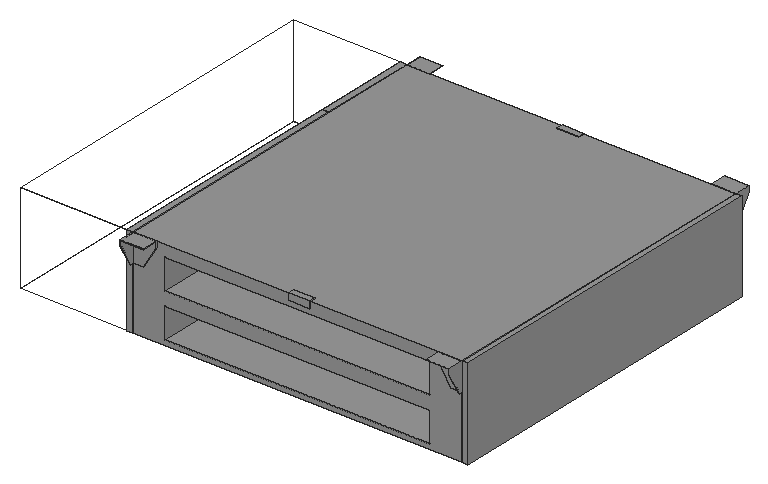
Revit family "XB-EFA-82", category Mechanical Equipment, Revit 2015
Parameters (values of type "XB-EFA-8L")
  duct_angle = if(Left Handed, 90.00°, 270.00°)  # 90.00°
  ctrl_offset = if(Left Handed, 50 mm, 1296 mm)  # 50 mm
  Width = 1596 mm
  Weight = 0.00 kg
  Unit Description = "EFA Heat Recovery Unit (Left Handed)"
  Supply Air Flow [instance] = 0.0 L/s
  Supply Air External Static Pressure [instance] = 0.0 Pa
  Starting Current = 0 A
  Specific Fan Power at Design Duty [instance] = "0.0"
  Right Handed = not(Left Handed)  # no
  Revit Family Last Revised = "24/10/18"  # constant formula
  Quote Reference [instance] = ""
  Project Reference [instance] = ""
  Panel Offset = if(Right Handed, 1144.9 mm, 455.1 mm)  # 455.1 mm
  Order Reference [instance] = ""
  OmniClass Title = "Centrifugal fans\r\n"  # constant formula
  OmniClass Number = "23-33 31 19 13"  # constant formula
  Number of Motor Poles = 4
  Number of Connection Poles = 1
  Nuaire Model Code = "XB-EFA-8L"
  Nominal Motor Speed (rpm) = 0
  Nominal Motor Rating = 0.000 kW
  Manufacturer Name = "Nuaire"  # constant formula
  Location Reference [instance] = ""
  Length = 1600 mm
  Left Handed = yes
  Show Access Clearance [instance] = yes
  Voltage = if(Electrical Phase = 3, 400 V, 230 V)  # 230 V
  IFCExportAs = "IfcAirToAirHeatRecoveryType"  # constant formula
  Height = 425 mm
  Full Load Current = 0 A
  Model Drawn by = "Michael Grote"  # constant formula
  Maximum Ambient Temperature = 40 °C
  Extract Air Flow [instance] = 0.0 L/s
  Extract Air External Static Pressure [instance] = 0.0 Pa
  Electrical Phase = 1
  Duct Connection Width = 1240 mm
  Duct Connection Height = 140 mm
  Condensate Drain Connection Radius = Condensate Drain Connection Diameter / 2  # 0 mm
  URL = "http://www.nuaire.co.uk"
  Warranty Period = "3 Years"
  Weatherproof or Internal Only = "Internal"
  Manufacturer = Manufacturer Name  # "Nuaire"
  Condensate Drain Connection Diameter = 0 mm
  Classification.Uniclass.Pr.Number = "Pr_65_67_29_12"  # constant formula
  Classification.Uniclass.Pr.Description = "Centrifugal fans\r\n"  # constant formula
  Catalogue Pages = ""
  I&M Manual = ""
  Description = Unit Description  # "EFA Heat Recovery Unit (Left Handed)"
  Apparent Load = Voltage * Full Load Current  # 0 VA
  Address = "Western Industrial Estate, Caerphilly, UK"  # constant formula
  Postcode = "CF83 1NA"  # constant formula
  Telephone Number = "+44(0)2920-858-200"  # constant formula
  Fax Number = "+44(0)2920-858-222"  # constant formula
  Email Address = "info@nuaire.co.uk"  # constant formula
  Model = Nuaire Model Code  # "XB-EFA-8L"
Types (2, lengths in mm): name | duct_angle | ctrl_offset | Right Handed | Panel Offset | Number of Connection Poles | Nuaire Model Code | Left Handed | Model
  XB-EFA-8L | 90.00° | 50 | no | 455.1 | 1 | "XB-EFA-8L" | yes | "XB-EFA-8L"
  XB-EFA-8R | 270.00° | 1296 | yes | 1144.9 | 2 | "XB-EFA-8R" | no | "XB-EFA-8R"
Reference planes
  plane 1 "Center (Front/Back)": y = 0
  plane 2: z = 0
  plane 3 "Center (Left/Right)": x = 0
  plane 4: x = 798
  plane 5: x = -798
  plane 6: y = 800
  plane 7: y = -800
  plane 8: z = 425
  plane 9: z = 26
  plane 10: z = 166
  plane 11: z = 231
  plane 12: z = 371
  plane 13: x = 620
  plane 14: x = -620
  plane 15: z = 301
  plane 16: z = 96
  plane 17: y = 597.5
  plane 18: z = 212.5
  plane 19: y = -141.375
  plane 20: y = 141.375
  plane 21: y = -597.5
Forms (mm)
  Extrusion 1, solid, material "Aluzinc"
    sketch origin (0, 0, 0) x (1, 0, 0) y (0, 1, 0)
      loop
        line (-770, 800) -> (-770, -800) -> (770, -800) -> (770, 800) -> (-770, 800)
    from 0 to 425
  Extrusion 2, void
    sketch origin (0, -550, 0) x (1, 0, 0) y (0, 0, 1)
      loop
        line (-620, 371) -> (-620, 231) -> (620, 231) -> (620, 371) -> (-620, 371)
    from 0 to 250
  Extrusion 3, void
    sketch origin (0, -550, 0) x (1, 0, 0) y (0, 0, 1)
      loop
        line (-620, 166) -> (-620, 26) -> (620, 26) -> (620, 166) -> (-620, 166)
    from 0 to 250
  Extrusion 4, void
    sketch origin (0, 550, 0) x (1, 0, 0) y (0, 0, -1)
      loop
        line (-620, -371) -> (620, -371) -> (620, -231) -> (-620, -231) -> (-620, -371)
    from 0 to 250
  Extrusion 5, void
    sketch origin (0, 550, 0) x (1, 0, 0) y (0, 0, -1)
      loop
        line (-620, -166) -> (620, -166) -> (620, -26) -> (-620, -26) -> (-620, -166)
    from 0 to 250
  Extrusion 6, solid, material "Aluzinc"
    sketch origin (0, 0, 0) x (1, 0, 0) y (0, 1, 0)
      loop
        line (-41.7, 801.5) -> (-41.7, 771.5) -> (58.3, 771.5) -> (58.3, 801.5) -> (-41.7, 801.5)
    from 395.7 to 425.7
  Extrusion 7, solid, material "Aluzinc"
    sketch origin (0, 0, 0) x (1, 0, 0) y (0, 1, 0)
      loop
        line (-41.7, -801.5) -> (58.3, -801.5) -> (58.3, -771.5) -> (-41.7, -771.5) -> (-41.7, -801.5)
    from 395.7 to 425.7
  Extrusion 8, solid, material "Goosewing Grey Plastic"
    sketch origin (0, 0, 0) x (1, 0, 0) y (0, 1, 0)
      loop
        line (-798, 750) -> (-852.5, 750) -> (-852.5, 496) -> (-798, 496) -> (-798, 750)
    from 165 to 345
  Extrusion 9, solid, material "Aluzinc"
    sketch origin (620, 0, 0) x (1, 0, 0) y (0, 1, 0)
      loop
        line (150, 800) -> (150, -800) -> (178, -800) -> (178, 800) -> (150, 800)
    from 0 to 425
  Extrusion 10, solid, material "Aluzinc", visible <- "Right Handed"
    sketch origin (-140, 0, 0) x (1, 0, 0) y (0, 1, 0)
      loop
        line (-658, 800) -> (-658, -344.9) -> (-630, -344.9) -> (-630, 800) -> (-658, 800)
    from 0 to 425
  Extrusion 11, solid, material "Aluzinc", visible <- "Right Handed"
    sketch origin (-140, -455.125, 0) x (1, 0, 0) y (0, 1, 0)
      loop
        line (-658, 110.225) -> (-658, -344.875) -> (-630, -344.875) -> (-630, 110.225) -> (-658, 110.225)
    from 0 to 425
  Extrusion 12, solid, material "Aluzinc"
    sketch origin (0, 0, 0) x (0, 1, 0) y (0, 0, 1)
      loop
        line (-875, 400) -> (-815, 295) -> (-800, 295) -> (-800, 425) -> (-875, 425) -> (-875, 400)
    from -770 to -660.1
  Extrusion 13, void
    sketch origin (0, -2, 0) x (1, 0, 0) y (0, 0, 1)
      loop
        line (-660.1, 423) -> (-768, 423) -> (-768, 295) -> (-660.1, 295) -> (-660.1, 423)
    from 800 to 873
  Extrusion 14, void
    sketch origin (0, 0, 0) x (1, 0, 0) y (0, 0, 1)
      loop
        line (-660.1, 395) -> (-720.1, 295) -> (-660.1, 295) -> (-660.1, 395)
    from 800 to 875
  Extrusion 15, solid, material "Aluzinc"
    sketch origin (0, 0, 0) x (0, 1, 0) y (0, 0, -1)
      loop
        line (-875, -400) -> (-875, -425) -> (-800, -425) -> (-800, -295) -> (-815, -295) -> (-875, -400)
    from -770 to -660.1
  Extrusion 16, void
    sketch origin (0, -2, 0) x (-1, 0, 0) y (0, 0, -1)
      loop
        line (-660.1, -423) -> (-660.1, -295) -> (-768, -295) -> (-768, -423) -> (-660.1, -423)
    from 800 to 873
  Extrusion 17, void
    sketch origin (0, 0, 0) x (-1, 0, 0) y (0, 0, -1)
      loop
        line (-660.1, -395) -> (-660.1, -295) -> (-720.1, -295) -> (-660.1, -395)
    from 800 to 875
  Extrusion 18, solid, material "Aluzinc"
    sketch origin (0, 0, 0) x (0, -1, 0) y (0, 0, -1)
      loop
        line (-875, -400) -> (-875, -425) -> (-800, -425) -> (-800, -295) -> (-815, -295) -> (-875, -400)
    from -770 to -660.1
  Extrusion 19, void
    sketch origin (0, 2, 0) x (1, 0, 0) y (0, 0, -1)
      loop
        line (-660.1, -423) -> (-660.1, -295) -> (-768, -295) -> (-768, -423) -> (-660.1, -423)
    from 800 to 873
  Extrusion 20, void
    sketch origin (0, 0, 0) x (1, 0, 0) y (0, 0, -1)
      loop
        line (-660.1, -395) -> (-660.1, -295) -> (-720.1, -295) -> (-660.1, -395)
    from 800 to 875
  Extrusion 21, solid, material "Aluzinc"
    sketch origin (0, 0, 0) x (0, -1, 0) y (0, 0, 1)
      loop
        line (-875, 400) -> (-815, 295) -> (-800, 295) -> (-800, 425) -> (-875, 425) -> (-875, 400)
    from -770 to -660.1
  Extrusion 22, void
    sketch origin (0, 2, 0) x (-1, 0, 0) y (0, 0, 1)
      loop
        line (-660.1, 423) -> (-768, 423) -> (-768, 295) -> (-660.1, 295) -> (-660.1, 423)
    from 800 to 873
  Extrusion 23, void
    sketch origin (0, 0, 0) x (-1, 0, 0) y (0, 0, 1)
      loop
        line (-660.1, 395) -> (-720.1, 295) -> (-660.1, 295) -> (-660.1, 395)
    from 800 to 875
  Extrusion 24, solid, visible <- "Left Handed"
    sketch origin (-801, 0, 0) x (0, 1, 0) y (0, 0, 1)
      loop
        line (-760.605, 227.5) -> (-760.605, 37.5)
        arc (-760.605, 37.5) -> (-730.5, 7.395) -> (-700.395, 37.5) r 30.105
        line (-700.395, 37.5) -> (-700.395, 227.5)
        arc (-700.395, 227.5) -> (-730.5, 257.605) -> (-760.605, 227.5) r 30.105
    from 0 to 3
  Extrusion 25, solid, material "White Plastic", visible <- "Left Handed"
    sketch origin (29.264, 0, 0) x (0, 1, 0) y (0, 0, 1)
      loop
        arc (-745.339, 244.509) -> (-750.95, 236.887) -> (-753, 227.646) r 22.9
        line (-753, 227.646) -> (-753, 37.354)
        arc (-753, 37.354) -> (-750.95, 28.113) -> (-745.339, 20.491) r 22.9
        arc (-745.339, 20.491) -> (-741.229, 9.565) -> (-730.501, 4.964) r 14.885
        arc (-730.501, 4.964) -> (-719.772, 9.565) -> (-715.662, 20.491) r 14.885
        arc (-715.662, 20.491) -> (-710.021, 28.18) -> (-708, 37.5) r 22.9
        line (-708, 37.5) -> (-708, 227.5)
        arc (-708, 227.5) -> (-710.021, 236.82) -> (-715.662, 244.509) r 22.9
        arc (-715.662, 244.509) -> (-719.772, 255.435) -> (-730.501, 260.036) r 14.885
        arc (-730.501, 260.036) -> (-741.229, 255.435) -> (-745.339, 244.509) r 14.885
    from -835.264 to -830.264
  Extrusion 26, solid, visible <- "Right Handed"
    sketch origin (-801, 0, 0) x (0, -1, 0) y (0, 0, -1)
      loop
        arc (-760.605, -227.5) -> (-730.5, -257.605) -> (-700.395, -227.5) r 30.105
        line (-700.395, -227.5) -> (-700.395, -37.5)
        arc (-700.395, -37.5) -> (-730.5, -7.395) -> (-760.605, -37.5) r 30.105
        line (-760.605, -37.5) -> (-760.605, -227.5)
    from 0 to 3
  Extrusion 27, solid, material "White Plastic", visible <- "Right Handed"
    sketch origin (29.264, 0, 0) x (0, -1, 0) y (0, 0, -1)
      loop
        arc (-745.339, -244.509) -> (-741.229, -255.435) -> (-730.501, -260.036) r 14.885
        arc (-730.501, -260.036) -> (-719.772, -255.435) -> (-715.662, -244.509) r 14.885
        arc (-715.662, -244.509) -> (-710.021, -236.82) -> (-708, -227.5) r 22.9
        line (-708, -227.5) -> (-708, -37.5)
        arc (-708, -37.5) -> (-710.021, -28.18) -> (-715.662, -20.491) r 22.9
        arc (-715.662, -20.491) -> (-719.772, -9.565) -> (-730.501, -4.964) r 14.885
        arc (-730.501, -4.964) -> (-741.229, -9.565) -> (-745.339, -20.491) r 14.885
        arc (-745.339, -20.491) -> (-750.95, -28.113) -> (-753, -37.354) r 22.9
        line (-753, -37.354) -> (-753, -227.646)
        arc (-753, -227.646) -> (-750.95, -236.887) -> (-745.339, -244.509) r 22.9
    from -835.264 to -830.264
  Extrusion 28, solid, visible <- "Right Handed"
    sketch origin (-801, -1140.475, 0) x (0, -1, 0) y (0, 0, -1)
      loop
        arc (-760.605, -227.5) -> (-730.5, -257.605) -> (-700.395, -227.5) r 30.105
        line (-700.395, -227.5) -> (-700.395, -37.5)
        arc (-700.395, -37.5) -> (-730.5, -7.395) -> (-760.605, -37.5) r 30.105
        line (-760.605, -37.5) -> (-760.605, -227.5)
    from 0 to 3
  Extrusion 29, solid, material "White Plastic", visible <- "Right Handed"
    sketch origin (29.264, -1140.475, 0) x (0, -1, 0) y (0, 0, -1)
      loop
        arc (-745.339, -244.509) -> (-741.229, -255.435) -> (-730.501, -260.036) r 14.885
        arc (-730.501, -260.036) -> (-719.772, -255.435) -> (-715.662, -244.509) r 14.885
        arc (-715.662, -244.509) -> (-710.021, -236.82) -> (-708, -227.5) r 22.9
        line (-708, -227.5) -> (-708, -37.5)
        arc (-708, -37.5) -> (-710.021, -28.18) -> (-715.662, -20.491) r 22.9
        arc (-715.662, -20.491) -> (-719.772, -9.565) -> (-730.501, -4.964) r 14.885
        arc (-730.501, -4.964) -> (-741.229, -9.565) -> (-745.339, -20.491) r 14.885
        arc (-745.339, -20.491) -> (-750.95, -28.113) -> (-753, -37.354) r 22.9
        line (-753, -37.354) -> (-753, -227.646)
        arc (-753, -227.646) -> (-750.95, -236.887) -> (-745.339, -244.509) r 22.9
    from -835.264 to -830.264
  Extrusion 30, solid, visible <- "Left Handed"
    sketch origin (-801, 1140.475, 0) x (0, 1, 0) y (0, 0, 1)
      loop
        line (-760.605, 227.5) -> (-760.605, 37.5)
        arc (-760.605, 37.5) -> (-730.5, 7.395) -> (-700.395, 37.5) r 30.105
        line (-700.395, 37.5) -> (-700.395, 227.5)
        arc (-700.395, 227.5) -> (-730.5, 257.605) -> (-760.605, 227.5) r 30.105
    from 0 to 3
  Extrusion 31, solid, material "White Plastic", visible <- "Left Handed"
    sketch origin (29.264, 1140.475, 0) x (0, 1, 0) y (0, 0, 1)
      loop
        arc (-745.339, 244.509) -> (-750.95, 236.887) -> (-753, 227.646) r 22.9
        line (-753, 227.646) -> (-753, 37.354)
        arc (-753, 37.354) -> (-750.95, 28.113) -> (-745.339, 20.491) r 22.9
        arc (-745.339, 20.491) -> (-741.229, 9.565) -> (-730.501, 4.964) r 14.885
        arc (-730.501, 4.964) -> (-719.772, 9.565) -> (-715.662, 20.491) r 14.885
        arc (-715.662, 20.491) -> (-710.021, 28.18) -> (-708, 37.5) r 22.9
        line (-708, 37.5) -> (-708, 227.5)
        arc (-708, 227.5) -> (-710.021, 236.82) -> (-715.662, 244.509) r 22.9
        arc (-715.662, 244.509) -> (-719.772, 255.435) -> (-730.501, 260.036) r 14.885
        arc (-730.501, 260.036) -> (-741.229, 255.435) -> (-745.339, 244.509) r 14.885
    from -835.264 to -830.264
  Extrusion 32, solid, material "Aluzinc", visible <- "Left Handed"
    sketch origin (-140, 0, 0) x (1, 0, 0) y (0, 1, 0)
      loop
        line (-658, -800) -> (-630, -800) -> (-630, 344.9) -> (-658, 344.9) -> (-658, -800)
    from 0 to 425
  Extrusion 33, solid, material "Aluzinc", visible <- "Left Handed"
    sketch origin (-140, 455.125, 0) x (1, 0, 0) y (0, 1, 0)
      loop
        line (-658, -110.225) -> (-630, -110.225) -> (-630, 344.875) -> (-658, 344.875) -> (-658, -110.225)
    from 0 to 425
Cuts and joins
  Extrusion 2, Extrusion 3, Extrusion 4, Extrusion 5, Extrusion 13, Extrusion 14, Extrusion 17, Extrusion 20, Extrusion 23 cuts Extrusion 1
  Extrusion 13, Extrusion 14, Extrusion 16, Extrusion 17, Extrusion 19, Extrusion 20 cuts Extrusion 12
  Extrusion 16, Extrusion 17, Extrusion 22, Extrusion 23 cuts Extrusion 15
  Extrusion 19, Extrusion 20 cuts Extrusion 18
  Extrusion 22, Extrusion 23 cuts Extrusion 21
Dimensions and locks
  equal spacing: plane 5, plane 3 "Center (Left/Right)", plane 4
  "Width": plane 5 to plane 4
  equal spacing: plane 6, plane 1 "Center (Front/Back)", plane 7
  "Length": plane 6 to plane 7
  "Height": plane 8 to plane 2
  "ctrl_offset": plane 6 to Extrusion 8
  locked: Extrusion 8 to Extrusion 8 at 254
  locked: plane 6 to plane 20 at 658.625
  locked: plane 21 to plane 7 at 202.5
  locked: plane 6 to plane 17 at 202.5
  locked: plane 19 to plane 7 at 658.625
  "duct_angle": angle plane 1 "Center (Front/Back)" to nested 3
  "duct_angle": angle plane 1 "Center (Front/Back)" to nested 1
  "duct_angle": angle nested 4 to plane 1 "Center (Front/Back)"
  "duct_angle": angle nested 2 to plane 1 "Center (Front/Back)"
  aligned and locked: level to plane 2
  aligned and locked: plane 8 to Extrusion 1
  aligned and locked: plane 6 to nested 6
  aligned and locked: nested 7 to plane 17
  aligned and locked: nested 7 to nested 6
  aligned and locked: nested 8 to nested 6
Automatic sketch dimensions
  plane 7 to Extrusion 1 sketch curve = 0 mm
  Extrusion 1 sketch curve to plane 6 = 0 mm
  Extrusion 1 sketch curve to plane 5 = 28 mm
  Extrusion 1 sketch curve to plane 4 = 28 mm
  Extrusion 2 sketch curve to plane 11 = 0 mm
  Extrusion 2 sketch curve to plane 14 = 0 mm
  Extrusion 2 sketch curve to plane 13 = 0 mm
  Extrusion 2 sketch curve to plane 12 = 0 mm
  Extrusion 3 sketch curve to plane 9 = 0 mm
  Extrusion 3 sketch curve to plane 14 = 0 mm
  Extrusion 3 sketch curve to plane 13 = 0 mm
  Extrusion 3 sketch curve to plane 10 = 0 mm
  Extrusion 4 sketch curve to plane 11 = 0 mm
  Extrusion 4 sketch curve to plane 14 = 0 mm
  Extrusion 4 sketch curve to plane 13 = 0 mm
  Extrusion 4 sketch curve to plane 12 = 0 mm
  Extrusion 5 sketch curve to plane 9 = 0 mm
  Extrusion 5 sketch curve to plane 14 = 0 mm
  Extrusion 5 sketch curve to plane 13 = 0 mm
  Extrusion 5 sketch curve to plane 10 = 0 mm
  Extrusion 6 sketch curve to plane 3 "Center (Left/Right)" = 41.7 mm
  Extrusion 6 sketch curve to plane 6 = 28.5 mm
  plane 3 "Center (Left/Right)" to Extrusion 6 sketch curve = 58.3 mm
  plane 6 to Extrusion 6 sketch curve = 1.5 mm
  plane 3 "Center (Left/Right)" to Extrusion 7 sketch curve = 41.7 mm
  plane 7 to Extrusion 7 sketch curve = 28.5 mm
  Extrusion 7 sketch curve to plane 3 "Center (Left/Right)" = 58.3 mm
  Extrusion 7 sketch curve to plane 7 = 1.5 mm
  Extrusion 8 sketch curve to plane 5 = 0 mm
  plane 17 to Extrusion 8 sketch curve = 101.5 mm
  plane 5 to Extrusion 8 sketch curve = 54.5 mm
  Extrusion 8 sketch curve to plane 6 = 50 mm
  plane 7 to Extrusion 9 sketch curve = 0 mm
  Extrusion 9 sketch curve to plane 6 = 0 mm
  Extrusion 9 sketch curve to plane 4 = 0 mm
  Extrusion 9 sketch curve to Extrusion 9 sketch curve = 28 mm
  Extrusion 10 sketch curve to plane 5 = 0 mm
  Extrusion 10 sketch curve to plane 6 = 0 mm
  Extrusion 10 sketch curve to plane 19 = 203.525 mm
  Extrusion 10 sketch curve to plane 5 = 28 mm
  Extrusion 11 sketch curve to plane 5 = 0 mm
  plane 7 to Extrusion 11 sketch curve = 0 mm
  Extrusion 11 sketch curve to plane 19 = 203.525 mm
  Extrusion 11 sketch curve to plane 5 = 28 mm
  Extrusion 12 sketch curve to plane 8 = 0 mm
  Extrusion 12 sketch curve to plane 7 = 0 mm
  Extrusion 12 sketch curve to plane 15 = 6 mm
  Extrusion 12 sketch curve to Extrusion 12 sketch curve = 15 mm
  Extrusion 12 sketch curve to plane 8 = 25 mm
  plane 7 to Extrusion 12 sketch curve = 75 mm
  Extrusion 13 sketch curve to plane 8 = 2 mm
  Extrusion 13 sketch curve to plane 5 = 30 mm
  Extrusion 13 sketch curve to plane 15 = 6 mm
  Extrusion 13 sketch curve to plane 14 = 40.1 mm
  Extrusion 14 sketch curve to plane 15 = 6 mm
  Extrusion 14 sketch curve to plane 5 = 77.9 mm
  Extrusion 14 sketch curve to plane 12 = 24 mm
  Extrusion 14 sketch curve to plane 14 = 40.1 mm
  Extrusion 15 sketch curve to plane 8 = 0 mm
  Extrusion 15 sketch curve to plane 7 = 0 mm
  Extrusion 15 sketch curve to plane 8 = 25 mm
  Extrusion 15 sketch curve to plane 15 = 6 mm
  Extrusion 15 sketch curve to Extrusion 15 sketch curve = 15 mm
  plane 7 to Extrusion 15 sketch curve = 75 mm
  Extrusion 16 sketch curve to plane 8 = 2 mm
  Extrusion 16 sketch curve to plane 4 = 30 mm
  Extrusion 16 sketch curve to plane 15 = 6 mm
  plane 13 to Extrusion 16 sketch curve = 40.1 mm
  plane 15 to Extrusion 17 sketch curve = 6 mm
  plane 4 to Extrusion 17 sketch curve = 77.9 mm
  plane 12 to Extrusion 17 sketch curve = 24 mm
  Extrusion 17 sketch curve to plane 13 = 40.1 mm
  Extrusion 18 sketch curve to plane 8 = 0 mm
  Extrusion 18 sketch curve to plane 6 = 0 mm
  plane 15 to Extrusion 18 sketch curve = 6 mm
  Extrusion 18 sketch curve to Extrusion 18 sketch curve = 15 mm
  plane 8 to Extrusion 18 sketch curve = 25 mm
  Extrusion 18 sketch curve to plane 6 = 75 mm
  Extrusion 19 sketch curve to plane 8 = 2 mm
  Extrusion 19 sketch curve to plane 5 = 30 mm
  Extrusion 19 sketch curve to plane 15 = 6 mm
  Extrusion 19 sketch curve to plane 14 = 40.1 mm
  Extrusion 20 sketch curve to plane 15 = 6 mm
  Extrusion 20 sketch curve to plane 5 = 77.9 mm
  Extrusion 20 sketch curve to plane 12 = 24 mm
  Extrusion 20 sketch curve to plane 14 = 40.1 mm
  Extrusion 21 sketch curve to plane 8 = 0 mm
  Extrusion 21 sketch curve to plane 6 = 0 mm
  Extrusion 21 sketch curve to plane 15 = 6 mm
  Extrusion 21 sketch curve to Extrusion 21 sketch curve = 15 mm
  Extrusion 21 sketch curve to plane 8 = 25 mm
  plane 6 to Extrusion 21 sketch curve = 75 mm
  Extrusion 22 sketch curve to plane 8 = 2 mm
  Extrusion 22 sketch curve to plane 4 = 30 mm
  Extrusion 22 sketch curve to plane 15 = 6 mm
  plane 13 to Extrusion 22 sketch curve = 40.1 mm
  Extrusion 23 sketch curve to plane 15 = 6 mm
  Extrusion 23 sketch curve to plane 4 = 77.9 mm
  Extrusion 23 sketch curve to plane 12 = 24 mm
  plane 13 to Extrusion 23 sketch curve = 40.1 mm
  plane 9 to Extrusion 24 sketch curve = 11.5 mm
  Extrusion 24 sketch curve to plane 7 = 39.395 mm
  Extrusion 24 sketch curve to plane 11 = 3.5 mm
  Extrusion 24 sketch curve to Extrusion 24 sketch curve = 60.21 mm
  Extrusion 25 sketch curve to plane 11 = 3.354 mm
  Extrusion 25 sketch curve to plane 7 = 47 mm
  plane 9 to Extrusion 25 sketch curve = 11.354 mm
  Extrusion 25 sketch curve to Extrusion 25 sketch curve = 45 mm
  Extrusion 25 sketch curve to plane 9 = 5.509 mm  (x2)
  Extrusion 25 sketch curve to Extrusion 25 sketch curve = 7.661 mm  (x2)
  plane 11 to Extrusion 25 sketch curve = 13.509 mm  (x2)
  Extrusion 25 sketch curve to plane 11 = 3.585 mm
  Extrusion 25 sketch curve to Extrusion 25 sketch curve = 22.1 mm  (x2)
  Extrusion 25 sketch curve to Extrusion 25 sketch curve = 14.805 mm  (x3)
  Extrusion 25 sketch curve to plane 9 = 6.151 mm
  Extrusion 25 sketch curve to Extrusion 25 sketch curve = 0.033 mm  (x2)
  level to Extrusion 25 sketch curve = 4.964 mm
  Extrusion 25 sketch curve to Extrusion 25 sketch curve = 0.066 mm  (x2)
  Extrusion 25 sketch curve to Extrusion 25 sketch curve = 0.799 mm  (x2)
  plane 9 to Extrusion 25 sketch curve = 11.5 mm
  plane 11 to Extrusion 25 sketch curve = 14.151 mm
  plane 9 to Extrusion 26 sketch curve = 11.5 mm
  Extrusion 26 sketch curve to plane 6 = 39.395 mm
  Extrusion 26 sketch curve to plane 11 = 3.5 mm
  Extrusion 26 sketch curve to Extrusion 26 sketch curve = 60.21 mm
  Extrusion 27 sketch curve to plane 11 = 3.354 mm
  Extrusion 27 sketch curve to plane 6 = 47 mm
  Extrusion 27 sketch curve to plane 11 = 3.5 mm
  plane 9 to Extrusion 27 sketch curve = 11.5 mm
  Extrusion 27 sketch curve to Extrusion 27 sketch curve = 45 mm
  Extrusion 27 sketch curve to plane 9 = 5.509 mm  (x2)
  Extrusion 27 sketch curve to Extrusion 27 sketch curve = 7.661 mm  (x2)
  plane 11 to Extrusion 27 sketch curve = 13.509 mm  (x2)
  Extrusion 27 sketch curve to plane 11 = 3.585 mm
  Extrusion 27 sketch curve to Extrusion 27 sketch curve = 22.1 mm  (x2)
  Extrusion 27 sketch curve to Extrusion 27 sketch curve = 14.805 mm  (x2)
  Extrusion 27 sketch curve to plane 9 = 6.151 mm
  Extrusion 27 sketch curve to Extrusion 27 sketch curve = 0.033 mm  (x2)
  level to Extrusion 27 sketch curve = 4.964 mm
  Extrusion 27 sketch curve to Extrusion 27 sketch curve = 0.066 mm  (x2)
  Extrusion 27 sketch curve to Extrusion 27 sketch curve = 0.799 mm  (x2)
  plane 9 to Extrusion 27 sketch curve = 11.354 mm
  Extrusion 27 sketch curve to Extrusion 27 sketch curve = 15.527 mm
  plane 9 to Extrusion 28 sketch curve = 11.5 mm
  Extrusion 28 sketch curve to plane 21 = 217.63 mm
  Extrusion 28 sketch curve to plane 11 = 3.5 mm
  Extrusion 28 sketch curve to Extrusion 28 sketch curve = 60.21 mm
  Extrusion 29 sketch curve to plane 11 = 3.354 mm
  Extrusion 29 sketch curve to plane 21 = 210.025 mm
  Extrusion 29 sketch curve to plane 11 = 3.5 mm
  plane 9 to Extrusion 29 sketch curve = 11.5 mm
  Extrusion 29 sketch curve to Extrusion 29 sketch curve = 45 mm
  Extrusion 29 sketch curve to plane 9 = 5.509 mm  (x2)
  Extrusion 29 sketch curve to Extrusion 29 sketch curve = 7.661 mm  (x2)
  plane 11 to Extrusion 29 sketch curve = 13.509 mm  (x2)
  Extrusion 29 sketch curve to plane 11 = 3.585 mm
  Extrusion 29 sketch curve to Extrusion 29 sketch curve = 22.1 mm  (x2)
  Extrusion 29 sketch curve to Extrusion 29 sketch curve = 14.805 mm  (x2)
  Extrusion 29 sketch curve to plane 9 = 6.151 mm
  Extrusion 29 sketch curve to Extrusion 29 sketch curve = 0.033 mm  (x2)
  level to Extrusion 29 sketch curve = 4.964 mm
  Extrusion 29 sketch curve to Extrusion 29 sketch curve = 0.066 mm  (x2)
  Extrusion 29 sketch curve to Extrusion 29 sketch curve = 0.799 mm  (x2)
  plane 9 to Extrusion 29 sketch curve = 11.354 mm
  Extrusion 29 sketch curve to Extrusion 29 sketch curve = 15.527 mm
  plane 9 to Extrusion 30 sketch curve = 11.5 mm
  plane 17 to Extrusion 30 sketch curve = 217.63 mm
  Extrusion 30 sketch curve to plane 11 = 3.5 mm
  Extrusion 30 sketch curve to Extrusion 30 sketch curve = 60.21 mm
  Extrusion 31 sketch curve to plane 11 = 3.354 mm
  plane 17 to Extrusion 31 sketch curve = 210.025 mm
  plane 9 to Extrusion 31 sketch curve = 11.354 mm
  Extrusion 31 sketch curve to Extrusion 31 sketch curve = 45 mm
  Extrusion 31 sketch curve to plane 9 = 5.509 mm  (x2)
  Extrusion 31 sketch curve to Extrusion 31 sketch curve = 7.661 mm  (x2)
  plane 11 to Extrusion 31 sketch curve = 13.509 mm  (x2)
  Extrusion 31 sketch curve to plane 11 = 3.585 mm
  Extrusion 31 sketch curve to Extrusion 31 sketch curve = 22.1 mm  (x2)
  Extrusion 31 sketch curve to Extrusion 31 sketch curve = 14.805 mm  (x3)
  Extrusion 31 sketch curve to plane 9 = 6.151 mm
  Extrusion 31 sketch curve to Extrusion 31 sketch curve = 0.033 mm  (x2)
  level to Extrusion 31 sketch curve = 4.964 mm
  Extrusion 31 sketch curve to Extrusion 31 sketch curve = 0.066 mm  (x2)
  Extrusion 31 sketch curve to Extrusion 31 sketch curve = 0.799 mm  (x2)
  plane 9 to Extrusion 31 sketch curve = 11.5 mm
  plane 11 to Extrusion 31 sketch curve = 14.151 mm
  Extrusion 32 sketch curve to plane 5 = 0 mm
  plane 7 to Extrusion 32 sketch curve = 0 mm
  plane 20 to Extrusion 32 sketch curve = 203.525 mm
  Extrusion 32 sketch curve to Extrusion 32 sketch curve = 28 mm
  Extrusion 33 sketch curve to plane 5 = 0 mm
  Extrusion 33 sketch curve to plane 6 = 0 mm
  plane 20 to Extrusion 33 sketch curve = 203.525 mm
  Extrusion 33 sketch curve to Extrusion 33 sketch curve = 28 mm
Nested families
  nested 1: "hidden_box" at (0, 240, 301) x (0, -1, 0) z (0, 0, 1), type "hidden_box", not visible
  nested 2: "hidden_box" at (0, 240, 96) x (0, -1, 0) z (0, 0, 1), type "hidden_box", not visible
  nested 3: "hidden_box" at (0, -240, 301) x (0, 1, 0) z (0, 0, 1), type "hidden_box", not visible
  nested 4: "hidden_box" at (0, -240, 96) x (0, 1, 0) z (0, 0, 1), type "hidden_box", not visible
  nested 5: "label_nuaire_logo" at (0, 0, 425) x (0, -1, 0) z (0, 0, 1), type "label_nuaire_logo"
    with Scale Factor 1408.641 mm, Actual Scale 493.024 mm
  nested 6: "access_clearance" at (-798, 0, 212.5) x (0, 0, -1) z (-1, 0, 0), visible <- "Show Access Clearance", type "access_clearance"
    with Width 425 mm, Length 1600 mm, Height 500 mm
  nested 7: "handle" at (-798, 597.5, 212.5) x (0, 1, 0) z (-1, 0, 0), visible <- "Right Handed", type "handle"
  nested 8: "handle" at (-798, -141.375, 212.5) x (0, 1, 0) z (-1, 0, 0), visible <- "Right Handed", type "handle"
  nested 9: "handle" at (-798, -597.5, 212.5) x (0, -1, 0) z (-1, 0, 0), visible <- "Left Handed", type "handle"
  nested 10: "handle" at (-798, 141.375, 212.5) x (0, -1, 0) z (-1, 0, 0), visible <- "Left Handed", type "handle"
Connectors
  electrical at (-852.5, 623, 255), driven by "Voltage", driven by "Number of Connection Poles", driven by "Apparent Load"
    settings: on Extrusion 8, index 1, voltage 230 V, apparent load 0 VA, apparent load phase1 0 VA, apparent load phase2 0 VA, apparent load phase3 0 VA, power factor 1, load classification "Other", number of poles 1, system type 30, power factor state 1, is connector primary yes, connector utility no, sub classification motor no, connector description "Power Supply"
  hvac at (0, -800, 301), driven by "Duct Connection Height", driven by "Duct Connection Width", driven by "Extract Air Flow"
    settings: on nested 1, index 2, duct flow 0.0 L/s, flow factor 0, pres drop 0.0 Pa, loss coef 0, conn angle 0.00°, conn width 1240 mm, conn height 140 mm, conn diameter 609.6 mm, duct sys type 3, conn prof type 1, flow config 1, flow direction 2, loss method 0, conn ref index -1, conn util no, is conn primary yes, conn desc "Discharge to Atmosphere"
  hvac at (0, -800, 96), driven by "Duct Connection Height", driven by "Duct Connection Width", driven by "Supply Air Flow"
    settings: on nested 2, index 3, duct flow 0.0 L/s, flow factor 0, pres drop 0.0 Pa, loss coef 0, conn angle 0.00°, conn width 1240 mm, conn height 140 mm, conn diameter 609.6 mm, duct sys type 1, conn prof type 1, flow config 1, flow direction 1, loss method 0, conn ref index -1, conn util no, is conn primary no, conn desc "Fresh Air Intake"
  hvac at (0, 800, 96), driven by "Duct Connection Height", driven by "Duct Connection Width", driven by "Extract Air Flow"
    settings: on nested 4, index 4, duct flow 0.0 L/s, flow factor 0, pres drop 0.0 Pa, loss coef 0, conn angle 0.00°, conn width 1240 mm, conn height 140 mm, conn diameter 609.6 mm, duct sys type 3, conn prof type 1, flow config 0, flow direction 1, loss method 0, conn ref index -1, conn util no, is conn primary no, conn desc "Extract from Room"
  hvac at (0, 800, 301), driven by "Duct Connection Height", driven by "Duct Connection Width", driven by "Supply Air Flow"
    settings: on nested 3, index 5, duct flow 0.0 L/s, flow factor 0, pres drop 0.0 Pa, loss coef 0, conn angle 0.00°, conn width 1240 mm, conn height 140 mm, conn diameter 609.6 mm, duct sys type 1, conn prof type 1, flow config 0, flow direction 2, loss method 0, conn ref index -1, conn util no, is conn primary no, conn desc "Supply to Room"
Definition of nested family "hidden_box"
  Reference planes
    plane 1 "Center (Front/Back)": y = 0
    plane 2: z = 0
    plane 3 "Center (Left/Right)": x = 0
  Forms (mm)
    Extrusion 1, solid
      sketch origin (0, 0, 0) x (1, 0, 0) y (0, 1, 0)
        loop
          line (1040, -90) -> (1040, 90) -> (920, 90) -> (920, -90) -> (1040, -90)
      from -90.677 to 90.677
  Lines and regions (mm)
    reference lines
      curve 1: line (0, 0, 0) -> (1040, 0, 0)
  Dimensions and locks
    aligned and locked: level to plane 2
Definition of nested family "access_clearance"
  Parameters
    Width = 672 mm
    URL = "http://www.nuaire.co.uk"
    Manufacturer = Manufacturer Name  # "Nuaire Group"
    Length = 745 mm
    Height = 300 mm
    Description = "Fan"
    Manufacturer Name = "Nuaire Group"  # constant formula
    Address = "Western Industrial Estate, Caerphilly, UK"  # constant formula
    Postcode = "CF83 1NA"  # constant formula
    Telephone Number = "+44(0)2920-858-200"  # constant formula
    Fax Number = "+44(0)2920-858-222"  # constant formula
    Email Address = "info@nuaire.co.uk"  # constant formula
    VAT Registration Number = "877308"  # constant formula
    Model = "AVT"
  Reference planes
    plane 1 "Center (Front/Back)": y = 0
    plane 2: z = 0
    plane 3 "Center (Left/Right)": x = 0
    plane 4: x = 336
    plane 5: x = -336
    plane 6: y = 372.5
    plane 7: y = -372.5
    plane 8: z = 300
  Forms (mm)
    Extrusion 1, solid
      sketch origin (0, 0, 0) x (1, 0, 0) y (0, 1, 0)
        loop
          line (-336, 372.5) -> (-336, -372.5) -> (336, -372.5) -> (336, 372.5) -> (-336, 372.5)
      from 0 to 300
  Dimensions and locks
    equal spacing: plane 5, plane 3 "Center (Left/Right)", plane 4
    "Width": plane 5 to plane 4
    equal spacing: plane 6, plane 1 "Center (Front/Back)", plane 7
    "Length": plane 6 to plane 7
    "Height": plane 8 to plane 2
    aligned and locked: level to plane 2
    aligned and locked: Extrusion 1 sketch curve to plane 6
    aligned and locked: Extrusion 1 sketch curve to plane 5
    aligned and locked: Extrusion 1 sketch curve to plane 7
    aligned and locked: Extrusion 1 sketch curve to plane 4
    aligned and locked: plane 8 to Extrusion 1
Definition of nested family "handle"
  Parameters
    Default Elevation = 1219.2 mm
  Reference planes
    plane 1 "Center (Front/Back)": y = 0
    plane 2: z = 0
    plane 3 "Center (Left/Right)": x = 0
  Forms (mm)
    Extrusion 1, solid
      sketch origin (0, 0, 0) x (1, 0, 0) y (0, 1, 0)
        loop
          line (-1219.2, 1219.2) -> (-1219.2, -1219.2) -> (1219.2, -1219.2) -> (1219.2, 1219.2) -> (-1219.2, 1219.2)
      from 0 to -304.8
    Extrusion 2, solid
      sketch origin (-13, 0, 0) x (0, 1, 0) y (0, 0, 1)
        loop
          line (85, 0) -> (85, 15.371) -> (58.99, 50) -> (-58.99, 50) -> (-85, 15.371) -> (-85, 0) -> (-63, 0) -> (-54.33, 39) -> (54.33, 39) -> (63, 0) -> (85, 0)
      from 0 to 26
  Dimensions and locks
    aligned and locked: plane 2 to Extrusion 1
    aligned and locked: level to Extrusion 1
Definition of nested family "label_nuaire_logo"
  Parameters
    Scale Factor [instance] = Scale * 452  # 452 mm
    Scale = 1 mm
    Actual Scale [instance] = Scale Factor * 0.35  # 158.2 mm
  Reference planes
    plane 1 "Center (Front/Back)": y = 0
    plane 2: z = 0
    plane 3 "Center (Left/Right)": x = 0
  Lines and regions (mm)
    reference lines
      curve 1: line (79.1, -32.13, 0) -> (79.1, 30, 0)
      curve 2: line (-79.1, -32.13, 0) -> (-79.1, 30, 0)
  Dimensions and locks
    equal spacing: curve 2, plane 3 "Center (Left/Right)", curve 1
    "Actual Scale": curve 2 to curve 1
    aligned and locked: level to plane 2
  Automatic sketch dimensions
    plane 1 "Center (Front/Back)" to curve 2 = 32.13 mm
    plane 1 "Center (Front/Back)" to curve 1 = 32.13 mm
    curve 2 to plane 1 "Center (Front/Back)" = 30 mm
    curve 1 to plane 1 "Center (Front/Back)" = 30 mm
  Nested families
    nested 1: "logo_stage2" at (10, 0, 0), type "logo_stage2"
  Definition of nested family "logo_stage2"
    Parameters
      Height = 452 mm
    Reference planes
      plane 1 "Center (Front/Back)": y = 0
      plane 2: z = 0
      plane 3 "Center (Left/Right)": x = 0
    Dimensions and locks
      aligned and locked: level to plane 2
    Nested families
      nested 1: "logo_stage1" at (0, 0, 0), type "logo_stage1"
    Definition of nested family "logo_stage1"
      Parameters
        Height = 1300 mm
      Reference planes
        plane 1 "Center (Front/Back)": y = 0
        plane 2: z = 0
        plane 3 "Center (Left/Right)": x = 0
      Lines and regions (mm)
        model lines
          curve 1: arc (7.927, 29.489, 0) -> (-47.363, 58.16, 0) -> (-106.604, 77.382, 0) r 378.77
          curve 2: arc (-106.604, 77.382, 0) -> (-163.216, 86.224, 0) -> (-220.277, 81.007, 0) r 233.393
          curve 3: arc (-246.965, 20.991, 0) -> (-215.043, -15.792, 0) -> (-174.42, -42.657, 0) r 179.785
          curve 4: arc (-174.42, -42.657, 0) -> (-107.072, -70.342, 0) -> (-36.955, -89.99, 0) r 623.693
          curve 5: arc (-36.955, -89.99, 0) -> (-105.996, -69.023, 0) -> (-170.812, -37.319, 0) r 451.207
          curve 6: arc (-170.812, -37.319, 0) -> (-200.304, -16.562, 0) -> (-226.197, 8.542, 0) r 230.474
          curve 7: arc (-206.815, 72.232, 0) -> (-163.659, 78.527, 0) -> (-120.226, 74.571, 0) r 185.468
          curve 8: arc (-120.226, 74.571, 0) -> (-54.126, 57.782, 0) -> (7.927, 29.489, 0) r 381.393
          curve 9: line (-161.219, -24.259, 0) -> (-141.514, -24.259, 0)
          curve 10: line (-141.514, -24.259, 0) -> (-136.798, 0, 0)
          curve 11: arc (-136.798, 0, 0) -> (-133.437, 8.115, 0) -> (-125.322, 11.477, 0) r 11.477
          curve 12: arc (-125.322, 11.477, 0) -> (-118.479, 7.762, 0) -> (-117.869, 0, 0) r 8.158
          curve 13: line (-117.869, 0, 0) -> (-122.146, -24.259, 0)
          curve 14: line (-122.146, -24.259, 0) -> (-102.441, -24.259, 0)
          curve 15: line (-102.441, -24.259, 0) -> (-97.309, 4.849, 0)
          curve 16: arc (-97.309, 4.849, 0) -> (-99.379, 18.095, 0) -> (-110.885, 24.977, 0) r 15.794
          curve 17: arc (-110.885, 24.977, 0) -> (-122.995, 23.787, 0) -> (-133.701, 18.002, 0) r 30.821
          curve 18: line (-133.701, 18.002, 0) -> (-132.598, 24.255, 0)
          curve 19: line (-161.219, -24.259, 0) -> (-152.664, 24.255, 0)
          curve 20: line (-152.664, 24.255, 0) -> (-132.598, 24.255, 0)
          curve 21: line (-80.79, 24.255, 0) -> (-86.175, -3.448, 0)
          curve 22: arc (-86.175, -3.448, 0) -> (-83.467, -16.761, 0) -> (-72.138, -24.259, 0) r 17.751
          curve 23: arc (-72.138, -24.259, 0) -> (-59.938, -25.434, 0) -> (-47.739, -24.259, 0) r 63.934
          curve 24: arc (-47.739, -24.259, 0) -> (-34.611, -17.57, 0) -> (-27.023, -4.941, 0) r 26.727
          curve 25: line (-27.023, -4.941, 0) -> (-21.348, 24.255, 0)
          curve 26: line (-21.348, 24.255, 0) -> (-41.053, 24.255, 0)
          curve 27: line (-41.053, 24.255, 0) -> (-46.093, -1.676, 0)
          curve 28: arc (-46.093, -1.676, 0) -> (-50.186, -8.91, 0) -> (-57.808, -12.224, 0) r 13.097
          curve 29: arc (-57.808, -12.224, 0) -> (-64.693, -9.158, 0) -> (-65.742, -1.695, 0) r 7.773
          curve 30: line (-65.742, -1.695, 0) -> (-61.166, 24.255, 0)
          curve 31: line (-61.166, 24.255, 0) -> (-80.79, 24.255, 0)
          curve 32: arc (31.54, 19.236, 0) -> (16.208, 25.528, 0) -> (0, 22.075, 0) r 28.07
          curve 33: arc (0, 22.075, 0) -> (-10.88, 12.774, 0) -> (-17.338, 0, 0) r 36.434
          curve 34: arc (-17.338, 0, 0) -> (-15.613, -14.796, 0) -> (-4.047, -24.183, 0) r 19.761
          curve 35: arc (-4.047, -24.183, 0) -> (10.741, -24.948, 0) -> (24.166, -18.699, 0) r 30.688
          curve 36: line (24.166, -18.699, 0) -> (23.117, -24.098, 0)
          curve 37: line (23.117, -24.098, 0) -> (43.271, -24.098, 0)
          curve 38: line (43.271, -24.098, 0) -> (51.797, 24.255, 0)
          curve 39: line (51.797, 24.255, 0) -> (32.515, 24.255, 0)
          curve 40: line (32.515, 24.255, 0) -> (31.54, 19.236, 0)
          curve 41: arc (27.176, -3.213, 0) -> (27.314, 5.536, 0) -> (19.984, 10.314, 0) r 9.053
          curve 42: arc (19.984, 10.314, 0) -> (10.965, 8.578, 0) -> (4.044, 2.54, 0) r 17.627
          curve 43: arc (4.044, 2.54, 0) -> (3.437, -5.353, 0) -> (9.873, -9.961, 0) r 8.063
          curve 44: arc (9.873, -9.961, 0) -> (19.716, -9.642, 0) -> (27.176, -3.213, 0) r 14.789
          curve 45: line (64.987, 24.255, 0) -> (85.001, 24.255, 0)
          curve 46: line (85.001, 24.255, 0) -> (76.475, -24.098, 0)
          curve 47: line (76.475, -24.098, 0) -> (56.461, -24.098, 0)
          curve 48: line (56.461, -24.098, 0) -> (64.987, 24.255, 0)
          curve 49: line (97.733, 24.255, 0) -> (117.438, 24.255, 0)
          curve 50: line (117.438, 24.255, 0) -> (116.079, 16.546, 0)
          curve 51: arc (116.079, 16.546, 0) -> (127.306, 23.283, 0) -> (140.3, 24.886, 0) r 31.571
          curve 52: line (140.3, 24.886, 0) -> (137.316, 7.965, 0)
          curve 53: arc (137.316, 7.965, 0) -> (129.144, 9.507, 0) -> (120.972, 7.965, 0) r 22.429
          curve 54: arc (120.972, 7.965, 0) -> (114.704, 2.976, 0) -> (112.337, -4.677, 0) r 13.585
          curve 55: line (112.337, -4.677, 0) -> (108.912, -24.098, 0)
          curve 56: line (108.912, -24.098, 0) -> (89.207, -24.098, 0)
          curve 57: line (89.207, -24.098, 0) -> (97.733, 24.255, 0)
          curve 58: arc (93.618, 47.57, 0) -> (74.854, 53.038, 0) -> (55.359, 51.64, 0) r 55.33
          curve 59: arc (93.618, 47.57, 0) -> (97.282, 41.659, 0) -> (93.618, 35.747, 0) r 6.601
          curve 60: arc (93.618, 35.747, 0) -> (84.065, 32.23, 0) -> (73.978, 30.85, 0) r 47.065
          curve 61: arc (73.978, 30.85, 0) -> (80.846, 32.41, 0) -> (86.601, 36.47, 0) r 18.116
          curve 62: arc (86.601, 36.47, 0) -> (88.036, 41.905, 0) -> (84.218, 46.03, 0) r 5.836
          curve 63: arc (84.218, 46.03, 0) -> (70.224, 51.08, 0) -> (55.359, 51.64, 0) r 48.391
          curve 64: line (157.905, -2.864, 0) -> (199.286, -2.864, 0)
          curve 65: arc (199.286, -2.864, 0) -> (197.145, 14.652, 0) -> (182.34, 24.255, 0) r 20.852
          curve 66: arc (182.34, 24.255, 0) -> (165.366, 23.801, 0) -> (149.457, 17.863, 0) r 51.614
          curve 67: arc (149.457, 17.863, 0) -> (140.348, 5.451, 0) -> (139.348, -9.912, 0) r 27.469
          curve 68: arc (139.348, -9.912, 0) -> (144.958, -19.523, 0) -> (155.103, -24.098, 0) r 18.276
          curve 69: arc (155.103, -24.098, 0) -> (178.591, -23.478, 0) -> (196.981, -8.856, 0) r 37.046
          curve 70: line (196.981, -8.856, 0) -> (178.291, -8.856, 0)
          curve 71: arc (178.291, -8.856, 0) -> (168.439, -13.819, 0) -> (158.586, -8.856, 0) r 12.261
          curve 72: arc (158.586, -8.856, 0) -> (157.442, -5.951, 0) -> (157.905, -2.864, 0) r 6.023
          curve 73: line (199.286, -2.864, 0) -> (157.905, -2.864, 0)
          curve 74: line (159.772, 7.114, 0) -> (183.418, 7.114, 0)
          curve 75: arc (183.418, 7.114, 0) -> (171.595, 14.487, 0) -> (159.772, 7.114, 0) r 13.165
          curve 76: arc (-206.815, 72.232, 0) -> (-234.166, 45.761, 0) -> (-226.197, 8.542, 0) r 39.242
          curve 77: arc (-220.277, 81.007, 0) -> (-248.829, 57.762, 0) -> (-246.965, 20.991, 0) r 40.723
      Dimensions and locks
        aligned and locked: level to plane 2
